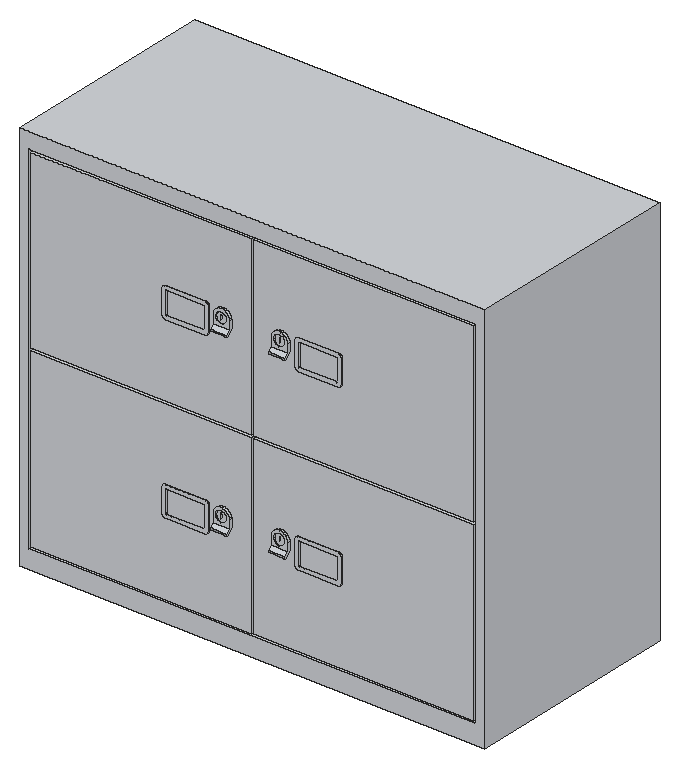
Revit family "Lodges 1000 wide", category Furniture, Revit 2018
Family settings
  OmniClass Number = 23.40.20.00
  OmniClass Title = General Furniture and Specialties
  Work Plane-Based = No
  Always vertical = Yes
  Cut with Voids When Loaded = No
  Shared = No
  Room Calculation Point = No
Parameters (values of type "L1024SABX2SXP")
  Width = 1000 mm
  Weight = ""
  Warranty = "10 years from date of purchase"  # constant formula
  Uniclass2015Version = "V1.1"  # constant formula
  Uniclass2015Title = "78 - Shelves and Storage Units"  # constant formula
  Uniclass 2015 Code = "PR_40_30_78_48"  # constant formula
  URL = "www.bisley.com"
  Training Requirements for Operational Use = "N/A"  # constant formula
  Top Panel Height = 35 mm
  Tollerance = 3 mm
  Routine Maintenance = "We recommend you clean your unit with worm water and mild dtergent solution. A damp cloth can be used to remove dust particles."  # constant formula
  Revision = ""
  Range = "Lateralfile Lodges"  # constant formula
  Product Information = ""
  Outer Panels Width = 20 mm
  NamePlate_Material = Plastic
  Model Reference = "L1024ABX2SXP"
  Model = Model Reference  # "L1024ABX2SXP"
  Mid gaps = 3 mm
  Mid Bars Thickness = 22 mm  # constant formula
  Mid Bars = 382 mm  # constant formula
  Material = "Steel"  # constant formula
  Manufacturer = "Bisley"  # constant formula
  Lock_Material = Steel AISI 4620
  Height = 845 mm
  Finish = "Powder Coated"  # constant formula
  Expected Life = "15 Years"  # constant formula
  Drawers = no
  Drawer_Material = Steel, Mild
  Door_Material = Steel, Mild
  Door 9 = yes
  Door Height 3 = 377 mm
  Door Height 2 = 377 mm
  Door Height 1 = 377 mm
  Door 8 = no
  Door 7 = no
  Door 6 = no
  Door 5 = no
  Door 4 = no
  Door 3 = no
  Door 2 = yes
  Door 10 = yes
  Door 1 = yes
  Dimensions = "845 x 1000 x 470mm"
  Depth = 470 mm
  D Door 4 = no
  D Door 3 = no
  D Door 2 = no
  D Door 1 = no
  Compliance Standards Certification = "BS EN 14073 2004 Part 2 & 3, BS EN 14074, BS 4875 1998 Part 7 level 4 & Part 8, BS 476 Part 7 1987 Class 2Y"  # constant formula
  Central Bar Width = 30 mm  # constant formula
  Category = "Lateralfile Lodges"  # constant formula
  Carcass_Material = Steel, Mild
  Bottom Gap = 5 mm
  Base Panel Height = 40 mm
  Bar 3 = no
  Bar 2 = no
  Bar 1 = no
  Bar 0 = yes
  Author = "Bisley"  # constant formula
Types (14, lengths in mm): name | Width | URL | Top Panel Height | Tollerance | Outer Panels Width | Model Reference | Model | Height | Drawers | Door 9 | Door 8 | Door 7 | Door 6 | Door 5 | Door 4 | Door 3 | Door 2 | Door 10 | Door 1 | Dimensions | D Door 4 | D Door 3 | D Door 2 | D Door 1 | Bottom Gap | Base Panel Height | Bar 3 | Bar 2 | Bar 1 | Bar 0
  (no name) | 1000 | "www.bisley.com" | 35 | 3 | 20 | "L1024ABX2SXP" | "L1024ABX2SXP" | 845 | no | yes | no | no | no | no | no | no | yes | yes | yes | "845 x 1000 x 470mm" | no | no | no | no | 5 | 40 | no | no | no | yes
  L1024SABX2SXP | 1000 | "www.bisley.com" | 35 | 3 | 20 | "L1024ABX2SXP" | "L1024ABX2SXP" | 845 | no | yes | no | no | no | no | no | no | yes | yes | yes | "845 x 1000 x 470mm" | no | no | no | no | 5 | 40 | no | no | no | yes
  L1036SABX3SXP | 1000 | "www.bisley.com" | 40 | 2 | 20 | "L1036SABX3SXP" | "L1036SABX3SXP" | 1225 | no | yes | no | no | no | no | yes | yes | yes | yes | yes | "1225 x 1000 x 470mm" | no | no | no | no | 3 | 40 | no | no | yes | yes
  L1048SABX4SXP | 1000 | "www.bisley.com" | 40 | 2 | 20 | "L1048SABX4SXP" | "L1048SABX4SXP" | 1605 | no | yes | no | no | yes | yes | yes | yes | yes | yes | yes | "1605 x 1000 x 470mm" | no | no | no | no | 2 | 45 | no | yes | yes | yes
  L1061SABX5SXP | 999.609 | "www.bisley.com" | 40 | 2 | 19.609 | "L1061SABX5SXP" | "L1061SABX5SXP" | 1985 | no | yes | yes | yes | yes | yes | yes | yes | yes | yes | yes | "1985 x 1000 x 470" | no | no | no | no | 3 | 40 | yes | yes | yes | yes
  L1024SABXDXP | 1000 | "www.bisley.com" | 40 | 3 | 20 | "L1024SABXDXP" | "L1024SABXDXP" | 845 | no | no | no | no | no | no | no | no | no | no | no | "845 x 1000 x 470mm" | no | no | yes | yes | 5 | 40 | no | no | no | no
  L1036SABXSDXP | 1000 | "WWW.bisley.com" | 40 | 2 | 20 | "L1036SABXSDXP" | "L1036SABXSDXP" | 1225 | no | yes | no | no | no | no | no | no | no | yes | no | "1225 x 1000 x 470mm" | no | no | yes | yes | 3 | 40 | no | no | yes | no
  L1048SABX2SDXP | 1000 | "www.bisley.com" | 40 | 2 | 20 | "L1048SABX2SDXP" | "L1048SABX2SDXP" | 1605 | no | yes | no | no | yes | yes | no | no | no | yes | no | "1605 x 1000 x 470mm" | no | no | yes | yes | 2 | 45 | no | yes | yes | no
  L1061SABX3SDXP | 1000 | "www.bisley.com" | 40 | 2 | 20 | "L1061SABX3SDXP" | "L1061SABX3SDXP" | 1985 | no | yes | yes | yes | yes | yes | no | no | no | yes | no | "1985 x 1000 x 470mm" | no | no | yes | yes | 3 | 40 | yes | yes | yes | no
  L1061SABXD3SXP | 1000 | "www.bisley.com" | 40 | 2 | 20 | "L1061SABXD3SXP" | "L1061SABXD3SXP" | 1985 | no | no | no | no | yes | yes | yes | yes | yes | no | yes | "1985 x 1000 x 470" | yes | yes | no | no | 3 | 40 | no | yes | yes | yes
  L1061SABX4SPXP | 1000 | "www.bisley.com" | 40 | 2 | 20 | "L1061SABX4SPXP" | "L1061SABX4SPXP" | 1985 | yes | yes | yes | yes | yes | yes | yes | yes | no | yes | no | "1985 x 1000 x 470mm" | no | no | no | no | 3 | 40 | yes | yes | yes | yes
  L1048SABX3PXP | 1000 | "www.bisley.com" | 40 | 2 | 20 | "L1048SABX3PXP" | "L1048SABX3PXP" | 1605 | yes | yes | no | no | yes | yes | yes | yes | no | yes | no | "1605 x 1000 x 470mm" | no | no | no | no | 2 | 45 | no | yes | yes | yes
  L1036SABX2SPXP | 1000 | "www.bisley.com" | 40 | 2 | 20 | "L1036SABX2SPXP" | "L1036SABX2SPXP" | 1225 | yes | yes | no | no | no | no | yes | yes | no | yes | no | "1225 x 1000 x 470mm" | no | no | no | no | 3 | 40 | no | no | yes | yes
  L1024SABXSPXP | 1000 | "www.bisley.com" | 40 | 3 | 20 | "L1024SABXSPXP" | "L1024SABXSPXP" | 845 | yes | yes | no | no | no | no | no | no | no | yes | no | "845 x 1000 x 470mm" | no | no | no | no | 5 | 40 | no | no | no | yes
Reference planes
  plane 1 "Center (Front/Back)": y = 0
  plane 2: z = 0
  plane 3 "Center (Left/Right)": x = 0
  plane 4: x = 1000
  plane 5: y = -470
  plane 6: x = 500
  plane 7: y = -235
  plane 8 "Top": z = 845
  plane 9: x = 20
  plane 10: x = 980
  plane 11: z = 40
  plane 12: z = 810
  plane 13: y = -20
  plane 14: z = 45
  plane 15: x = 23
  plane 16: z = 805
  plane 17: x = 977
  plane 18: z = 422
  plane 19: z = 425
  plane 20: z = 802
  plane 21: z = 805
  plane 22: z = 1182
  plane 23: z = 1185
  plane 24: z = 426
  plane 25: z = 404
  plane 26: x = 485
  plane 27: x = 515
  plane 28: z = 808
  plane 29: z = 1190
  plane 30: z = 1572
  plane 31: z = 786
  plane 32: z = 1168
  plane 33: z = 1550
Forms (mm)
  Extrusion 1, solid
    sketch origin (0, 0, 0) x (1, 0, 0) y (0, 1, 0)
      loop
        line (20, -20) -> (20, -470) -> (980, -470) -> (980, -20) -> (20, -20)
    from 0 to 40
  Extrusion 2, solid
    sketch origin (0, 0, 0) x (1, 0, 0) y (0, 0, 1)
      loop
        line (0, 0) -> (20, 0) -> (20, 810) -> (0, 810) -> (0, 0)
    from 20 to 470
  Extrusion 3, solid
    sketch origin (0, 0, 0) x (1, 0, 0) y (0, 0, 1)
      loop
        line (0, 845) -> (0, 810) -> (1000, 810) -> (1000, 845) -> (0, 845)
    from 20 to 470
  Extrusion 4, solid
    sketch origin (0, 0, 0) x (1, 0, 0) y (0, 0, 1)
      loop
        line (980, 810) -> (980, 0) -> (1000, 0) -> (1000, 810) -> (980, 810)
    from 20 to 470
  Extrusion 5, solid
    sketch origin (0, 0, 0) x (1, 0, 0) y (0, 1, 0)
      loop
        line (0, 0) -> (0, -20) -> (1000, -20) -> (1000, 0) -> (0, 0)
    from 0 to 845
  Extrusion 6, solid
    sketch origin (0, 0, 0) x (1, 0, 0) y (0, 0, 1)
      loop
        line (485, 40) -> (515, 40) -> (515, 810) -> (485, 810) -> (485, 40)
    from 0 to 250
  Extrusion 7, solid, visible <- "Bar 0"
    sketch origin (0, 0, 0) x (1, 0, 0) y (0, 0, 1)
      loop
        line (20, 426) -> (20, 404) -> (485, 404) -> (485, 426) -> (20, 426)
      loop
        line (515, 404) -> (980, 404) -> (980, 426) -> (515, 426) -> (515, 404)
    from 0 to 250
  Extrusion 8, solid, visible <- "Bar 1"
    sketch origin (0, 0, 0) x (1, 0, 0) y (0, 0, 1)
      loop
        line (20, 808) -> (20, 786) -> (485, 786) -> (485, 808) -> (20, 808)
      loop
        line (515, 808) -> (515, 786) -> (980, 786) -> (980, 808) -> (515, 808)
    from 0 to 250
  Extrusion 9, solid, visible <- "Bar 2"
    sketch origin (0, 0, 0) x (1, 0, 0) y (0, 0, 1)
      loop
        line (20, 1190) -> (20, 1168) -> (485, 1168) -> (485, 1190) -> (20, 1190)
      loop
        line (515, 1190) -> (515, 1168) -> (980, 1168) -> (980, 1190) -> (515, 1190)
    from 0 to 250
  Extrusion 10, solid, visible <- "Bar 3"
    sketch origin (0, 0, 0) x (1, 0, 0) y (0, 0, 1)
      loop
        line (20, 1572) -> (20, 1550) -> (485, 1550) -> (485, 1572) -> (20, 1572)
      loop
        line (515, 1572) -> (515, 1550) -> (980, 1550) -> (980, 1572) -> (515, 1572)
    from 0 to 250
Cuts and joins
  joined: Extrusion 1, Extrusion 2, Extrusion 3, Extrusion 4, Extrusion 5
Dimensions and locks
  equal spacing: plane 5, plane 7, plane 1 "Center (Front/Back)"
  "Depth": plane 1 "Center (Front/Back)" to plane 5
  equal spacing: plane 3 "Center (Left/Right)", plane 6, plane 4
  "Width": plane 3 "Center (Left/Right)" to plane 4
  "Height": plane 8 "Top" to level
  "Outer Panels Width": plane 9 to plane 3 "Center (Left/Right)"
  "Outer Panels Width": plane 4 to plane 10
  "Base Panel Height": plane 11 to level
  "Top Panel Height": plane 8 "Top" to plane 12
  Extrusion 2 sketch curve to Extrusion 2 sketch curve = 810 mm
  "Tollerance": plane 15 to plane 9
  "Bottom Gap": plane 12 to plane 16
  "Tollerance": plane 10 to plane 17
  "Door Height 1": plane 18 to plane 14
  "Bottom Gap": plane 14 to plane 11
  "Mid gaps": plane 19 to plane 18
  "Mid gaps": plane 21 to plane 20
  "Mid gaps": plane 23 to plane 22
  "Door Height 3": plane 22 to plane 21
  "Door Height 2": plane 20 to plane 19
  locked: plane 24 to level at 426
  "Mid Bars Thickness": plane 24 to plane 25
  equal spacing: plane 26, plane 6, plane 27
  "Central Bar Width": plane 26 to plane 27
  "Mid Bars": plane 28 to plane 24
  "Mid Bars": plane 29 to plane 28
  "Mid Bars": plane 30 to plane 29
  "Mid Bars Thickness": plane 28 to plane 31
  "Mid Bars Thickness": plane 29 to plane 32
  "Mid Bars Thickness": plane 30 to plane 33
  aligned and locked: level to plane 2
  aligned and locked: plane 5 to Extrusion 1 sketch curve
  aligned and locked: Extrusion 2 sketch curve to level
  aligned and locked: Extrusion 2 sketch curve to plane 3 "Center (Left/Right)"
  aligned and locked: plane 9 to Extrusion 2 sketch curve
  aligned and locked: plane 12 to Extrusion 2
  aligned and locked: Extrusion 3 sketch curve to plane 8 "Top"
  aligned and locked: plane 3 "Center (Left/Right)" to Extrusion 3 sketch curve
  aligned and locked: plane 12 to Extrusion 3 sketch curve
  aligned and locked: Extrusion 3 sketch curve to plane 4
  aligned and locked: Extrusion 4 sketch curve to plane 12
  aligned and locked: plane 10 to Extrusion 4 sketch curve
  aligned and locked: level to Extrusion 4 sketch curve
  aligned and locked: Extrusion 4 sketch curve to plane 4
  aligned and locked: Extrusion 2 to plane 5
  aligned and locked: Extrusion 4 to plane 5
  aligned and locked: Extrusion 2 to Extrusion 1
  aligned and locked: Extrusion 3 to plane 5
  aligned and locked: Extrusion 3 to Extrusion 2
  aligned and locked: plane 8 "Top" to Extrusion 3
  aligned and locked: Extrusion 4 to Extrusion 2
  aligned and locked: plane 1 "Center (Front/Back)" to Extrusion 5 sketch curve
  aligned and locked: plane 3 "Center (Left/Right)" to Extrusion 5 sketch curve
  aligned and locked: Extrusion 5 sketch curve to Extrusion 3  (x2)
  aligned and locked: plane 8 "Top" to Extrusion 5
  aligned and locked: nested 1 to plane 14
  aligned and locked: nested 1 to plane 15
  aligned and locked: nested 2 to plane 14
  aligned and locked: plane 17 to nested 2
  aligned and locked: plane 17 to nested 3
  aligned and locked: plane 16 to nested 3
  aligned and locked: nested 4 to plane 15
  aligned and locked: plane 16 to nested 4
  aligned and locked: nested 5 to plane 19
  aligned and locked: nested 6 to plane 19
  aligned and locked: nested 5 to plane 15
  aligned and locked: plane 17 to nested 6
  aligned and locked: plane 21 to nested 7
  aligned and locked: plane 21 to nested 8
  aligned and locked: nested 7 to plane 15
  aligned and locked: plane 17 to nested 8
  aligned and locked: plane 23 to nested 9
  aligned and locked: plane 23 to nested 10
  aligned and locked: nested 9 to plane 15
  aligned and locked: plane 17 to nested 10
  aligned and locked: nested 4 to plane 5
  aligned and locked: nested 9 to plane 5
  aligned and locked: nested 7 to plane 5
  aligned and locked: nested 5 to plane 5
  aligned and locked: nested 1 to plane 5
  aligned and locked: nested 3 to plane 5
  aligned and locked: nested 10 to plane 5
  aligned and locked: nested 8 to plane 5
  aligned and locked: nested 6 to plane 5
  aligned and locked: nested 2 to plane 5
  aligned and locked: nested 11 to plane 14
  aligned and locked: nested 11 to plane 15
  aligned and locked: nested 12 to plane 14
  aligned and locked: nested 12 to plane 15
  aligned and locked: plane 17 to nested 13
  aligned and locked: nested 13 to plane 14
  aligned and locked: plane 11 to cut or joined group of Extrusion 1, Extrusion 2, Extrusion 3, Extrusion 4, Extrusion 5
  aligned and locked: plane 16 to nested 14
  aligned and locked: plane 16 to nested 15
  aligned and locked: nested 14 to plane 15
  aligned and locked: plane 17 to nested 15
  aligned and locked: nested 16 to plane 14
  aligned and locked: nested 16 to plane 15
  aligned and locked: nested 17 to plane 14
  aligned and locked: plane 17 to nested 17
  aligned and locked: nested 16 to plane 5
  aligned and locked: nested 17 to plane 5
  aligned and locked: Extrusion 6 sketch curve to plane 11
  aligned and locked: plane 26 to Extrusion 6 sketch curve
  aligned and locked: plane 12 to Extrusion 6 sketch curve
  aligned and locked: plane 27 to Extrusion 6 sketch curve
  aligned and locked: plane 24 to Extrusion 7 sketch curve
  aligned and locked: cut or joined group of Extrusion 1, Extrusion 2, Extrusion 3, Extrusion 4, Extrusion 5 to Extrusion 7 sketch curve
  aligned and locked: Extrusion 7 sketch curve to plane 25
  aligned and locked: plane 26 to Extrusion 7 sketch curve
  aligned and locked: plane 25 to Extrusion 7 sketch curve
  aligned and locked: Extrusion 7 sketch curve to plane 27
  aligned and locked: Extrusion 7 sketch curve to plane 24
  aligned and locked: plane 10 to Extrusion 7 sketch curve
  aligned and locked: plane 28 to Extrusion 8 sketch curve  (x2)
  aligned and locked: cut or joined group of Extrusion 1, Extrusion 2, Extrusion 3, Extrusion 4, Extrusion 5 to Extrusion 8 sketch curve
  aligned and locked: plane 31 to Extrusion 8 sketch curve  (x2)
  aligned and locked: plane 26 to Extrusion 8 sketch curve
  aligned and locked: plane 27 to Extrusion 8 sketch curve
  aligned and locked: Extrusion 8 sketch curve to plane 10
  aligned and locked: plane 29 to Extrusion 9 sketch curve  (x2)
  aligned and locked: cut or joined group of Extrusion 1, Extrusion 2, Extrusion 3, Extrusion 4, Extrusion 5 to Extrusion 9 sketch curve
  aligned and locked: Extrusion 9 sketch curve to plane 32  (x2)
  aligned and locked: plane 26 to Extrusion 9 sketch curve
  aligned and locked: plane 27 to Extrusion 9 sketch curve
  aligned and locked: Extrusion 9 sketch curve to plane 10
  aligned and locked: plane 30 to Extrusion 10 sketch curve  (x2)
  aligned and locked: cut or joined group of Extrusion 1, Extrusion 2, Extrusion 3, Extrusion 4, Extrusion 5 to Extrusion 10 sketch curve
  aligned and locked: plane 33 to Extrusion 10 sketch curve  (x2)
  aligned and locked: plane 26 to Extrusion 10 sketch curve
  aligned and locked: plane 27 to Extrusion 10 sketch curve
  aligned and locked: Extrusion 10 sketch curve to plane 10
Automatic sketch dimensions
  plane 3 "Center (Left/Right)" to Extrusion 1 sketch curve = 20 mm
  plane 10 to Extrusion 1 sketch curve = 0 mm
  Extrusion 1 sketch curve to plane 13 = 0 mm
Nested families
  nested 1: "Lodge Door" at (23, -450, 45), visible <- "Door 1", type "Left Single"
  nested 2: "Lodge Door" at (502, -450, 45), visible <- "Door 2", type "Right Single"
  nested 3: "Lodge Door" at (502, -450, 428), visible <- "Door 10", type "Right Single"
  nested 4: "Lodge Door" at (23, -450, 428), visible <- "Door 9", type "Left Single"
  nested 5: "Lodge Door" at (23, -450, 425), visible <- "Door 3", type "Left Single"
  nested 6: "Lodge Door" at (502, -450, 425), visible <- "Door 4", type "Right Single"
  nested 7: "Lodge Door" at (23, -450, 805), visible <- "Door 5", type "Left Single"
  nested 8: "Lodge Door" at (502, -450, 805), visible <- "Door 6", type "Right Single"
  nested 9: "Lodge Door" at (23, -450, 1185), visible <- "Door 7", type "Left Single"
  nested 10: "Lodge Door" at (502, -450, 1185), visible <- "Door 8", type "Right Single"
  nested 11: "Lodge Door" at (23, -450, 45), visible <- "D Door 2", type "Left Double"
  nested 12: "Lodge Door" at (23, -450, 45), visible <- "D Door 1", type "Left Double"
  nested 13: "Lodge Door" at (502, -450, 45), visible <- "D Door 2", type "Right Double"
  nested 14: "Lodge Door" at (23, -450, 47), visible <- "D Door 3", type "Left Double"
  nested 15: "Lodge Door" at (502, -450, 47), visible <- "D Door 4", type "Right Double"
  nested 16: "Lodge Drawer" at (23, -450, 45), visible <- "Drawers", type "Left Single"
  nested 17: "Lodge Drawer" at (502, -450, 45), visible <- "Drawers", type "Right Single"
Definition of nested family "Lodge Door"
  Parameters (values of type "Right Double")
    wIDTH = 475 mm
    lock to edge = 43 mm
    Right Door = yes
    Lock to Letter Holder = 13 mm
    Left Door = no
    Height = 758 mm
    Depth = 20 mm
  Types (5, lengths in mm): name | lock to edge | Right Door | Left Door | Height
    (no name) | 43 | yes | no | 758
    Right Single | 43 | yes | no | 377
    Right Double | 43 | yes | no | 758
    Left Double | 40 | no | yes | 758
    Left Single | 43 | no | yes | 377
  Reference planes
    plane 1 "Center (Front/Back)": y = 0
    plane 2: z = 0
    plane 3 "Center (Left/Right)": x = 0
    plane 4: y = -20
    plane 5: x = 475
    plane 6: y = -10
    plane 7: x = 237.5
    plane 8: z = 758
    plane 9: x = 43
    plane 10: z = 569.5
    plane 11: z = 604.5
    plane 12: x = 91
    plane 13: x = 78
  Forms (mm)
    Extrusion 1, solid
      sketch origin (0, 0, 0) x (1, 0, 0) y (0, 1, 0)
        loop
          line (0, 0) -> (0, -20) -> (475, -20) -> (475, 0) -> (0, 0)
      from 0 to 758
  Dimensions and locks
    equal spacing: plane 4, plane 6, plane 1 "Center (Front/Back)"
    "Depth": plane 4 to plane 1 "Center (Front/Back)"
    equal spacing: plane 3 "Center (Left/Right)", plane 7, plane 5
    "wIDTH": plane 3 "Center (Left/Right)" to plane 5
    plane 5 to plane 3 "Center (Left/Right)" = 475 mm
    "Height": plane 8 to level
    plane 3 "Center (Left/Right)" to plane 9 = 43 mm
    "lock to edge": plane 9 to plane 3 "Center (Left/Right)"
    locked: plane 13 to plane 9 at 35
    "Lock to Letter Holder": plane 12 to plane 13
    locked: plane 8 to plane 10 at 188.5
    locked: plane 11 to plane 10 at 35
    aligned and locked: level to plane 2
    aligned and locked: plane 1 "Center (Front/Back)" to Extrusion 1 sketch curve
    aligned and locked: plane 3 "Center (Left/Right)" to Extrusion 1 sketch curve
    aligned and locked: plane 4 to Extrusion 1 sketch curve
    aligned and locked: Extrusion 1 sketch curve to plane 5
    aligned and locked: plane 8 to Extrusion 1
    aligned and locked: Extrusion 1 to level
    aligned and locked: nested 1 to plane 4
    aligned and locked: plane 10 to nested 1
    aligned and locked: plane 11 to nested 2
    aligned and locked: plane 9 to nested 1
    aligned and locked: nested 2 to plane 12
    aligned and locked: nested 3 to plane 10
    aligned and locked: nested 4 to plane 11
  Nested families
    nested 1: "Lock" at (43, -20, 559.5), visible <- "Right Door", type "Lock"
    nested 2: "CB6" at (141, -20, 539.5), visible <- "Right Door", type "CB6"
    nested 3: "Lock" at (432, -20, 559.5) x (-1, 0, 0) z (0, 0, 1), visible <- "Left Door", type "Lock"
    nested 4: "CB6" at (334, -20, 539.5) x (-1, 0, 0) z (0, 0, 1), visible <- "Left Door", type "CB6"
  Definition of nested family "Lock"
    Parameters (values of type "Lock")
      bottom to bend = 10 mm
      Width = 35 mm
      Top to mid circle = 17.5 mm
      Height = 45 mm
      Depth = 5 mm
    Reference planes
      plane 1 "Center (Front/Back)": y = 0
      plane 2: z = 0
      plane 3 "Center (Left/Right)": x = 0
      plane 4: x = 35
      plane 5: y = -5
      plane 6: x = 17.5
      plane 7: y = -2.5
      plane 8: z = 45
      plane 9: z = 27.5
      plane 10: z = 10
      plane 11: through (0, 0, 10) normal (0, -0.7071, 0.7071)
      plane 12: through (0, -5, 10) normal (0, -0.7071, 0.7071)
      plane 13: through (0, 0, 10) normal (0, -0.7071, 0.7071)
      plane 14: through (0, -12.5, 2.5) normal (0, 0.7071, -0.7071)
    Forms (mm)
      Extrusion 1, solid
        sketch origin (0, 0, 0) x (1, 0, 0) y (0, 0, 1)
          loop
            line (0, 10) -> (35, 10) -> (35, 27.5)
            arc (35, 27.5) -> (17.5, 45) -> (0, 27.5) r 17.5
            line (0, 27.5) -> (0, 10)
        from 0 to 5
      Extrusion 2, solid
        sketch origin (0, 0, 0) x (0, 1, 0) y (0, 0, 1)
          loop
            line (0, 10) -> (-5, 10) -> (-12.5, 2.5)
            arc (-12.5, 2.5) -> (-12.5, 0) -> (-10, 0) r 1.768
            line (-10, 0) -> (0, 10)
        from 0 to 35
      Extrusion 3, void
        sketch origin (0, 0, 0) x (1, 0, 0) y (0, 0, 1)
          loop
            circle (17.5, 27.5) r 12.047
        from 4 to 5
      Extrusion 4, void
        sketch origin (0, 0, 0) x (1, 0, 0) y (0, 0, 1)
          loop
            line (16.126, 33.18) -> (16.126, 23.18) -> (18.854, 23.18) -> (18.854, 33.18) -> (16.126, 33.18)
        from 2.5 to 4
    Cuts and joins
      Extrusion 3, Extrusion 4 cuts Extrusion 1
      Extrusion 3, Extrusion 4 cuts Extrusion 2
      joined: Extrusion 1, Extrusion 2
    Dimensions and locks
      equal spacing: plane 3 "Center (Left/Right)", plane 6, plane 4
      "Width": plane 3 "Center (Left/Right)" to plane 4
      equal spacing: plane 5, plane 7, plane 1 "Center (Front/Back)"
      "Depth": plane 1 "Center (Front/Back)" to plane 5
      "Height": plane 8 to level
      "bottom to bend": plane 10 to level
      "Top to mid circle": plane 8 to plane 9
      aligned and locked: level to plane 2
      aligned and locked: Extrusion 1 to plane 5
      aligned and locked: Extrusion 1 to plane 1 "Center (Front/Back)"
      aligned and locked: plane 4 to Extrusion 1
      aligned and locked: Extrusion 1 to plane 3 "Center (Left/Right)"
      aligned and locked: Extrusion 1 to plane 10
      aligned and locked: plane 12 to Extrusion 2
      aligned and locked: Extrusion 2 to plane 11
      aligned and locked: plane 10 to Extrusion 2
      aligned and locked: plane 4 to Extrusion 2
      aligned and locked: Extrusion 2 to plane 3 "Center (Left/Right)"
      aligned and locked: Extrusion 3 to plane 5
      aligned and locked: Extrusion 4 to Extrusion 3
      aligned and locked: plane 7 to Extrusion 4
    Automatic sketch dimensions
      Extrusion 1 sketch curve to plane 3 "Center (Left/Right)" = 0 mm
      Extrusion 1 sketch curve to plane 6 = 0 mm
      Extrusion 1 sketch curve to plane 10 = 0 mm
      Extrusion 1 sketch curve to plane 9 = 0 mm  (x2)
      plane 12 to Extrusion 2 sketch curve = 0 mm
      Extrusion 2 sketch curve to plane 11 = 0 mm
      Extrusion 2 sketch curve to level = 0 mm
      Extrusion 2 sketch curve to plane 5 = 0 mm
      Extrusion 2 sketch curve to plane 1 "Center (Front/Back)" = 0 mm
      Extrusion 2 sketch curve to plane 10 = 0 mm
      level to Extrusion 2 sketch curve = 1.25 mm
      level to Extrusion 2 sketch curve = 2.5 mm
      Extrusion 3 sketch curve to plane 6 = 0 mm
      Extrusion 3 sketch curve to plane 9 = 0 mm
      Extrusion 4 sketch curve to plane 6 = 1.374 mm
      plane 6 to Extrusion 4 sketch curve = 1.354 mm
      Extrusion 4 sketch curve to plane 9 = 4.32 mm
      plane 9 to Extrusion 4 sketch curve = 5.68 mm
      radius of Extrusion 3 sketch curve = 12.047 mm
  Definition of nested family "CB6"
    Parameters (values of type "CB6")
      thickness = 8 mm
      Width = 100 mm
      Height = 65 mm
      Deoth = 3 mm
    Reference planes
      plane 1 "Center (Front/Back)": y = 0
      plane 2: z = 0
      plane 3 "Center (Left/Right)": x = 0
      plane 4: x = -50
      plane 5: y = -1.5
      plane 6: x = 50
      plane 7: y = 1.5
      plane 8: z = 65
      plane 9: x = -42
      plane 10: z = 8
      plane 11: x = 42
      plane 12: z = 57
    Forms (mm)
      Extrusion 1, solid
        sketch origin (0, 0, 0) x (1, 0, 0) y (0, 0, 1)
          loop
            arc (-42, 65) -> (-47.657, 62.657) -> (-50, 57) r 8
            line (-50, 57) -> (-50, 8)
            arc (-50, 8) -> (-47.657, 2.343) -> (-42, 0) r 8
            line (-42, 0) -> (42, 0)
            arc (42, 0) -> (47.657, 2.343) -> (50, 8) r 8
            line (50, 8) -> (50, 57)
            arc (50, 57) -> (47.657, 62.657) -> (42, 65) r 8
            line (42, 65) -> (-42, 65)
          loop
            arc (40, 8) -> (41.414, 8.586) -> (42, 10) r 2
            line (42, 10) -> (42, 55)
            arc (42, 55) -> (41.414, 56.414) -> (40, 57) r 2
            line (40, 57) -> (-40, 57)
            arc (-40, 57) -> (-41.414, 56.414) -> (-42, 55) r 2
            line (-42, 55) -> (-42, 10)
            arc (-42, 10) -> (-41.414, 8.586) -> (-40, 8) r 2
            line (-40, 8) -> (40, 8)
        from -1.5 to 1.5
    Dimensions and locks
      equal spacing: plane 4, plane 3 "Center (Left/Right)", plane 6
      "Width": plane 4 to plane 6
      equal spacing: plane 7, plane 1 "Center (Front/Back)", plane 5
      "Deoth": plane 7 to plane 5
      "Height": plane 8 to level
      "thickness": plane 9 to plane 4
      "thickness": plane 8 to plane 12
      "thickness": plane 10 to level
      "thickness": plane 6 to plane 11
      aligned and locked: level to plane 2
      aligned and locked: Extrusion 1 sketch curve to plane 8
      aligned and locked: plane 4 to Extrusion 1 sketch curve
      aligned and locked: plane 2 to Extrusion 1 sketch curve
      aligned and locked: Extrusion 1 sketch curve to plane 6
      aligned and locked: plane 10 to Extrusion 1 sketch curve
      aligned and locked: Extrusion 1 sketch curve to plane 11
      aligned and locked: Extrusion 1 sketch curve to plane 12
      aligned and locked: plane 9 to Extrusion 1 sketch curve
      aligned and locked: Extrusion 1 to plane 7
      aligned and locked: Extrusion 1 to plane 5
    Automatic sketch dimensions
      Extrusion 1 sketch curve to plane 9 = 0 mm
      plane 9 to Extrusion 1 sketch curve = 0 mm
      Extrusion 1 sketch curve to Extrusion 1 sketch curve = 2 mm
      plane 9 to Extrusion 1 sketch curve = 2 mm
      Extrusion 1 sketch curve to plane 11 = 2 mm  (x2)
      Extrusion 1 sketch curve to plane 11 = 0 mm
      plane 10 to Extrusion 1 sketch curve = 0 mm
Definition of nested family "Lodge Drawer"
  Parameters (values of type "Right Single")
    wIDTH = 475 mm
    lock to edge = 43 mm
    Right Door = yes
    Metal Thickness = 2.01 mm
    Lock to Letter Holder = 13 mm
    Left Door = no
    Height = 377 mm
    Depth = 20 mm
  Types (3, lengths in mm): name | Right Door | Left Door
    (no name) | yes | no
    Right Single | yes | no
    Left Single | no | yes
  Reference planes
    plane 1 "Center (Front/Back)": y = 0
    plane 2: z = 0
    plane 3 "Center (Left/Right)": x = 0
    plane 4: y = -20
    plane 5: x = 475
    plane 6: y = -10
    plane 7: x = 237.5
    plane 8: z = 377
    plane 9: x = 43
    plane 10: z = 188.5
    plane 11: z = 223.5
    plane 12: x = 91
    plane 13: x = 78
    plane 14: z = 361
    plane 15: z = 316
    plane 16: y = -2.01
    plane 17: z = 374.99
    plane 18: y = -17.99
    plane 19: x = 2.01
    plane 20: x = 472.99
  Forms (mm)
    Extrusion 1, solid
      sketch origin (0, 0, 0) x (1, 0, 0) y (0, 1, 0)
        loop
          line (0, 0) -> (0, -20) -> (475, -20) -> (475, 0) -> (0, 0)
      from 0 to 377
    Extrusion 2, void
      sketch origin (0, 0, 0) x (0, 1, 0) y (0, 0, 1)
        loop
          line (-20, 316) -> (-2.01, 361) -> (-2.01, 374.99) -> (-17.99, 374.99) -> (-17.99, 361) -> (-22.99, 361) -> (-22.99, 316) -> (-20, 316)
      from 2.01 to 472.99
    Extrusion 3, solid, visible <- "Right Door"
      sketch origin (0, 0, 0) x (1, 0, 0) y (0, 0, 1)
        loop
          circle (66, 211.5) r 12
        loop
          line (64.536, 215.716) -> (64.536, 206.716) -> (67.338, 206.716) -> (67.338, 215.716) -> (64.536, 215.716)
      from 20 to 21.5
    Extrusion 4, solid, visible <- "Left Door"
      sketch origin (475, 0, 0) x (-1, 0, 0) y (0, 0, -1)
        loop
          circle (66, -211.5) r 12
        loop
          line (64.536, -215.716) -> (67.338, -215.716) -> (67.338, -206.716) -> (64.536, -206.716) -> (64.536, -215.716)
      from 20 to 21.5
  Cuts and joins
    Extrusion 2 cuts Extrusion 1
  Dimensions and locks
    equal spacing: plane 4, plane 6, plane 1 "Center (Front/Back)"
    "Depth": plane 4 to plane 1 "Center (Front/Back)"
    equal spacing: plane 3 "Center (Left/Right)", plane 7, plane 5
    "wIDTH": plane 3 "Center (Left/Right)" to plane 5
    plane 5 to plane 3 "Center (Left/Right)" = 475 mm
    "Height": plane 8 to level
    plane 3 "Center (Left/Right)" to plane 9 = 43 mm
    "lock to edge": plane 9 to plane 3 "Center (Left/Right)"
    locked: plane 13 to plane 9 at 35
    "Lock to Letter Holder": plane 12 to plane 13
    locked: plane 8 to plane 10 at 188.5
    locked: plane 11 to plane 10 at 35
    locked: plane 8 to plane 14 at 16
    locked: plane 8 to plane 15 at 61
    "Metal Thickness": plane 1 "Center (Front/Back)" to plane 16
    "Metal Thickness": plane 8 to plane 17
    "Metal Thickness": plane 18 to plane 4
    "Metal Thickness": plane 19 to plane 3 "Center (Left/Right)"
    "Metal Thickness": plane 5 to plane 20
    diameter of Extrusion 3 sketch curve = 24 mm
    diameter of Extrusion 4 sketch curve = 24 mm
    aligned and locked: level to plane 2
    aligned and locked: plane 1 "Center (Front/Back)" to Extrusion 1 sketch curve
    aligned and locked: plane 3 "Center (Left/Right)" to Extrusion 1 sketch curve
    aligned and locked: plane 4 to Extrusion 1 sketch curve
    aligned and locked: Extrusion 1 sketch curve to plane 5
    aligned and locked: plane 8 to Extrusion 1
    aligned and locked: Extrusion 1 to level
    aligned and locked: plane 11 to nested 1
    aligned and locked: nested 1 to plane 12
    aligned and locked: nested 2 to plane 11
    aligned and locked: plane 16 to Extrusion 2 sketch curve
    aligned and locked: Extrusion 2 sketch curve to plane 17
    aligned and locked: Extrusion 2 sketch curve to plane 18
    aligned and locked: Extrusion 2 sketch curve to plane 14
    aligned and locked: Extrusion 2 to plane 15
    aligned and locked: plane 20 to Extrusion 2
    aligned and locked: Extrusion 2 to plane 19
    aligned and locked: plane 17 to Extrusion 2
    aligned and locked: Extrusion 3 to nested 1
  Automatic sketch dimensions
    Extrusion 2 sketch curve to plane 15 = 0 mm
    Extrusion 2 sketch curve to plane 4 = 0 mm
    Extrusion 2 sketch curve to plane 14 = 0 mm
    Extrusion 2 sketch curve to plane 4 = 2.99 mm
    Extrusion 3 sketch curve to plane 13 = 13.464 mm
    Extrusion 3 sketch curve to Extrusion 3 sketch curve = 1.464 mm
    Extrusion 3 sketch curve to Extrusion 3 sketch curve = 2.802 mm
    Extrusion 3 sketch curve to plane 11 = 16.784 mm
    Extrusion 3 sketch curve to Extrusion 3 sketch curve = 4.784 mm
    Extrusion 3 sketch curve to Extrusion 3 sketch curve = 4.216 mm
    plane 11 to Extrusion 4 sketch curve = 7.784 mm
    plane 20 to Extrusion 4 sketch curve = 62.525 mm
    Extrusion 4 sketch curve to Extrusion 4 sketch curve = 1.464 mm
    Extrusion 4 sketch curve to Extrusion 4 sketch curve = 2.802 mm
    Extrusion 4 sketch curve to Extrusion 4 sketch curve = 4.216 mm
    Extrusion 4 sketch curve to Extrusion 4 sketch curve = 4.784 mm
  Nested families
    nested 1: "CB6" at (141, -20, 158.5), visible <- "Right Door", type "CB6"
    nested 2: "CB6" at (334, -20, 158.5) x (-1, 0, 0) z (0, 0, 1), visible <- "Left Door", type "CB6"
  Definition of nested family "CB6"
    Parameters (values of type "CB6")
      thickness = 8 mm
      Width = 100 mm
      Height = 65 mm
      Deoth = 3 mm
    Reference planes
      plane 1 "Center (Front/Back)": y = 0
      plane 2: z = 0
      plane 3 "Center (Left/Right)": x = 0
      plane 4: x = -50
      plane 5: y = -1.5
      plane 6: x = 50
      plane 7: y = 1.5
      plane 8: z = 65
      plane 9: x = -42
      plane 10: z = 8
      plane 11: x = 42
      plane 12: z = 57
    Forms (mm)
      Extrusion 1, solid
        sketch origin (0, 0, 0) x (1, 0, 0) y (0, 0, 1)
          loop
            arc (-42, 65) -> (-47.657, 62.657) -> (-50, 57) r 8
            line (-50, 57) -> (-50, 8)
            arc (-50, 8) -> (-47.657, 2.343) -> (-42, 0) r 8
            line (-42, 0) -> (42, 0)
            arc (42, 0) -> (47.657, 2.343) -> (50, 8) r 8
            line (50, 8) -> (50, 57)
            arc (50, 57) -> (47.657, 62.657) -> (42, 65) r 8
            line (42, 65) -> (-42, 65)
          loop
            arc (40, 8) -> (41.414, 8.586) -> (42, 10) r 2
            line (42, 10) -> (42, 55)
            arc (42, 55) -> (41.414, 56.414) -> (40, 57) r 2
            line (40, 57) -> (-40, 57)
            arc (-40, 57) -> (-41.414, 56.414) -> (-42, 55) r 2
            line (-42, 55) -> (-42, 10)
            arc (-42, 10) -> (-41.414, 8.586) -> (-40, 8) r 2
            line (-40, 8) -> (40, 8)
        from -1.5 to 1.5
    Dimensions and locks
      equal spacing: plane 4, plane 3 "Center (Left/Right)", plane 6
      "Width": plane 4 to plane 6
      equal spacing: plane 7, plane 1 "Center (Front/Back)", plane 5
      "Deoth": plane 7 to plane 5
      "Height": plane 8 to level
      "thickness": plane 9 to plane 4
      "thickness": plane 8 to plane 12
      "thickness": plane 10 to level
      "thickness": plane 6 to plane 11
      aligned and locked: level to plane 2
      aligned and locked: Extrusion 1 sketch curve to plane 8
      aligned and locked: plane 4 to Extrusion 1 sketch curve
      aligned and locked: plane 2 to Extrusion 1 sketch curve
      aligned and locked: Extrusion 1 sketch curve to plane 6
      aligned and locked: plane 10 to Extrusion 1 sketch curve
      aligned and locked: Extrusion 1 sketch curve to plane 11
      aligned and locked: Extrusion 1 sketch curve to plane 12
      aligned and locked: plane 9 to Extrusion 1 sketch curve
      aligned and locked: Extrusion 1 to plane 7
      aligned and locked: Extrusion 1 to plane 5
    Automatic sketch dimensions
      Extrusion 1 sketch curve to plane 9 = 0 mm
      plane 9 to Extrusion 1 sketch curve = 0 mm
      Extrusion 1 sketch curve to Extrusion 1 sketch curve = 2 mm
      plane 9 to Extrusion 1 sketch curve = 2 mm
      Extrusion 1 sketch curve to plane 11 = 2 mm  (x2)
      Extrusion 1 sketch curve to plane 11 = 0 mm
      plane 10 to Extrusion 1 sketch curve = 0 mm
